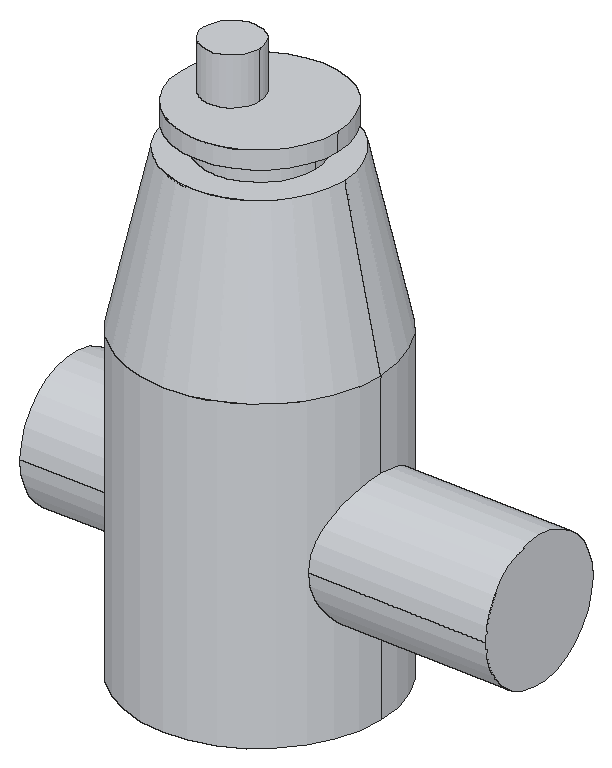
Revit family "e4ef4543428a40dd905b56d3c74de7ea", category Pipe Accessories, Revit 2021
Family settings
  Round Connector Dimension = Use Radius
  Part Type = Breaks Into
  OmniClass Number = 23.65.50.11
  OmniClass Title = Water Treatment
  Seek Item ID = Air Separator - Vortex - 0.75-2 Inch-0000-USA-ENU
  Work Plane-Based = No
  Always vertical = Yes
  Cut with Voids When Loaded = No
  Shared = No
Parameters (values of type "3/4"")
  Vent Radius = 11/32"
  Vent Diameter = Vent Radius * 2  # 11/16"
  Separator Width 2 = 0.35 * Separator Width  # 0' - 1.05"
  Separator Width 1 = 0.5 * Separator Width  # 0' - 1 1/2"
  Separator Length 1 = 0.4 * Separator Length  # 0' - 2.3"
  Separator Height 1 = 1 / 4 * Separator Height  # 0' - 1 29/32"
  Outside Radius = Nominal Radius * 1.2  # 0.825"
  Outside Diameter = Outside Radius * 2  # 1.65"
  Nominal Diameter = Nominal Radius * 2  # 1 3/8"
  Length 2 = 0.16 * C1 Offset 1  # 0' - 0.8"
  Length 1 = 0.4 * C1 Offset 1  # 0' - 2"
  K Coefficient = 12.5
  Default Elevation = 0' - 0"
  Bottom Tank Radius = 1/2"
  Separator Width = 0' - 3"
  Separator Length = 0' - 5 3/4"
  Separator Height = 0' - 7 5/8"
  Nominal Radius = 11/16"
  C1 Offset 1 = 0' - 5"
  Bottom Tank Diameter = Bottom Tank Radius * 2  # 1"
  Air Separator Material = none
Types (6): name | Separator Width 2 | Separator Width 1 | Separator Length 1 | Separator Height 1 | Outside Radius | Outside Diameter | Nominal Diameter | Length 2 | Length 1 | K Coefficient | Separator Width | Separator Length | Separator Height | Nominal Radius | C1 Offset 1
  (no name) | 0' - 1.05" | 0' - 1 1/2" | 0' - 2.3" | 0' - 1 29/32" | 0.825" | 1.65" | 1 3/8" | 0' - 0.8" | 0' - 2" | 12.5 | 0' - 3" | 0' - 5 3/4" | 0' - 7 5/8" | 11/16" | 0' - 5"
  3/4" | 0' - 1.05" | 0' - 1 1/2" | 0' - 2.3" | 0' - 1 29/32" | 0.825" | 1.65" | 1 3/8" | 0' - 0.8" | 0' - 2" | 12.5 | 0' - 3" | 0' - 5 3/4" | 0' - 7 5/8" | 11/16" | 0' - 5"
  1" | 0' - 1.05" | 0' - 1 1/2" | 0' - 2.3" | 0' - 1 29/32" | 1.05" | 2.1" | 1 3/4" | 0' - 0.8" | 0' - 2" | 14.1 | 0' - 3" | 0' - 5 3/4" | 0' - 7 5/8" | 7/8" | 0' - 5"
  1 1/4" | 0' - 1.05" | 0' - 1 1/2" | 0' - 2.3" | 0' - 1 29/32" | 1.35" | 2.7" | 2 1/4" | 0' - 0.8" | 0' - 2" | 17 | 0' - 3" | 0' - 5 3/4" | 0' - 7 5/8" | 1 1/8" | 0' - 5"
  1 1/2" | 0' - 1.70625" | 0' - 2 7/16" | 0' - 3.3" | 0' - 2 9/32" | 1 1/2" | 3" | 2 1/2" | 0' - 0.92" | 0' - 2.3" | 30.1 | 0' - 4 7/8" | 0' - 8 1/4" | 0' - 9 1/8" | 1 1/4" | 0' - 5 3/4"
  2" | 0' - 1.70625" | 0' - 2 7/16" | 0' - 3.3" | 0' - 2 9/32" | 1.8" | 3.6" | 3" | 0' - 0.92" | 0' - 2.3" | 36.9 | 0' - 4 7/8" | 0' - 8 1/4" | 0' - 9 1/8" | 1 1/2" | 0' - 5 3/4"
Reference planes (in)
  plane 1 "Center (Front/Back)": y = 0
  plane 2: z = 0
  plane 3 "Center (Left/Right)": x = 0
  plane 4: x = -2.3
  plane 5: x = 3.45
  plane 6: z = -1.90625
  plane 7: z = -2
  plane 8: z = 1.90625
  plane 9: z = 3.90625
  plane 10: z = 5
  plane 11: z = 4.2
  plane 12: z = 4.41875
  plane 13: x = -0.34375
Forms (in)
  Extrusion 1, solid, material <- "Air Separator Material"
    sketch origin (0, 0, 0) x (0, 1, 0) y (0, 0, 1)
      loop
        circle (0, 0) r 0.825
    from -2.3 to 3.45
  Extrusion 2, solid, material <- "Air Separator Material"
    sketch origin (0, 0, 0) x (1, 0, 0) y (0, 1, 0)
      loop
        circle (0, 0) r 1.5
    from -1.90625 to 1.90625
  Extrusion 3, solid, material <- "Air Separator Material"
    sketch origin (0, 0, 0) x (1, 0, 0) y (0, 1, 0)
      loop
        circle (0, 0) r 0.5
    from -2 to -1.90625
  Blend 4, solid, material <- "Air Separator Material"
    base sketch origin (0, 0, 0) x (1, 0, 0) y (0, 1, 0)
      loop
        circle (0, 0) r 1.5
    top sketch origin (0, 0, 0) x (1, 0, 0) y (0, 1, 0)
      loop
        circle (0, 0) r 1.05
    from 1.90625 to 3.90625
  Extrusion 5, solid, material <- "Air Separator Material"
    sketch origin (0, 0, 0) x (1, 0, 0) y (0, 1, 0)
      loop
        circle (0, 0) r 0.6875
    from 3.90625 to 4.2
  Extrusion 6, solid, material <- "Air Separator Material"
    sketch origin (0, 0, 0) x (1, 0, 0) y (0, 1, 0)
      loop
        circle (0, 0) r 0.96875
    from 4.2 to 4.41875
  Extrusion 7, solid, material <- "Air Separator Material"
    sketch origin (0, 0, 0) x (1, 0, 0) y (0, 1, 0)
      loop
        circle (-0.34375, 0) r 0.34375
    from 4.41875 to 5
Cuts and joins
  joined: Extrusion 1, Extrusion 2, Extrusion 3, Blend 4
  joined: Extrusion 5, Extrusion 6, Extrusion 7
Dimensions and locks (in)
  "Separator Length 1": plane 3 "Center (Left/Right)" to plane 4
  "Separator Length": plane 5 to plane 4
  "Separator Height 1": plane 2 to plane 6
  locked: plane 6 to plane 7 at 0.09375
  "Separator Height 1": plane 8 to plane 2
  "Length 1": plane 9 to plane 8
  "C1 Offset 1": plane 10 to plane 2
  "Length 2": plane 10 to plane 11
  locked: plane 12 to plane 11 at 0.21875
  "Vent Radius": plane 3 "Center (Left/Right)" to plane 13
  "Outside Radius": radius of Extrusion 1 sketch curve
  "Separator Width 1": radius of Extrusion 2 sketch curve
  "Bottom Tank Radius": radius of Extrusion 3 sketch curve
  "Separator Width 1": radius of Blend 4 sketch curve
  "Separator Width 2": radius of Blend 4 sketch curve
  radius of Extrusion 5 sketch curve = 0' - 0 11/16"
  radius of Extrusion 6 sketch curve = 0' - 0 31/32"
  "Vent Radius": radius of Extrusion 7 sketch curve
  aligned and locked: plane 1 "Center (Front/Back)" to Extrusion 1 sketch curve
  aligned and locked: plane 2 to Extrusion 1 sketch curve
  aligned and locked: Extrusion 1 to plane 4
  aligned and locked: plane 5 to Extrusion 1
  aligned and locked: plane 3 "Center (Left/Right)" to Extrusion 2 sketch curve
  aligned and locked: plane 1 "Center (Front/Back)" to Extrusion 2 sketch curve
  aligned and locked: Extrusion 2 to plane 6
  aligned and locked: plane 8 to Extrusion 2
  aligned and locked: plane 3 "Center (Left/Right)" to Extrusion 3 sketch curve
  aligned and locked: plane 1 "Center (Front/Back)" to Extrusion 3 sketch curve
  aligned and locked: Extrusion 3 to plane 7
  aligned and locked: plane 6 to Extrusion 3
  aligned and locked: plane 3 "Center (Left/Right)" to Blend 4 sketch curve  (x2)
  aligned and locked: plane 1 "Center (Front/Back)" to Blend 4 sketch curve  (x2)
  aligned and locked: plane 9 to Blend 4
  aligned and locked: Blend 4 to plane 8
  aligned and locked: plane 3 "Center (Left/Right)" to Extrusion 5 sketch curve
  aligned and locked: plane 1 "Center (Front/Back)" to Extrusion 5 sketch curve
  aligned and locked: Extrusion 5 to plane 9
  aligned and locked: plane 11 to Extrusion 5
  aligned and locked: plane 3 "Center (Left/Right)" to Extrusion 6 sketch curve
  aligned and locked: plane 1 "Center (Front/Back)" to Extrusion 6 sketch curve
  aligned and locked: Extrusion 6 to plane 11
  aligned and locked: plane 12 to Extrusion 6
  aligned and locked: plane 13 to Extrusion 7 sketch curve
  aligned and locked: plane 1 "Center (Front/Back)" to Extrusion 7 sketch curve
  aligned and locked: Extrusion 7 to plane 12
  aligned and locked: plane 10 to Extrusion 7
Connectors (in)
  piping at (-2.3, 0, 0), diameter 1.375, driven by "Nominal Radius"
    settings: on cut or joined group of Extrusion 1, Extrusion 2, Extrusion 3, Blend 4, index 1, connector inside diameter 1 3/8", connector length 0' - 0", flow factor 0, pipe flow 0 GPM, pressure drop 0.00 psi, fitting loss kfactor 0, connector angle 0.00°, fixture units 0, engagement length 0' - 0", angle of deflection 0.00°, flow configuration 0, flow direction 0, fitting loss method 2, system type 29, joint type 0, gender type 0, connector reference index 2, connector utility 0, adjustable connector no, is connector primary yes, connector description "Connected to Boiler/Chiller In"
  piping at (3.45, 0, 0), diameter 1.375, driven by "K Coefficient", driven by "Nominal Radius"
    settings: on cut or joined group of Extrusion 1, Extrusion 2, Extrusion 3, Blend 4, index 2, connector inside diameter 1 3/8", connector length 0' - 0", flow factor 0, pipe flow 0 GPM, pressure drop 0.00 psi, fitting loss kfactor 12.5, connector angle 0.00°, fixture units 0, engagement length 0' - 0", angle of deflection 0.00°, flow configuration 0, flow direction 0, fitting loss method 2, system type 29, joint type 0, gender type 0, connector reference index 1, connector utility 0, adjustable connector no, is connector primary no, connector description "Connected to Pump Out"
  piping at (-0.34375, 0, 5), diameter 0.6875, driven by "Vent Radius"
    settings: on Extrusion 7, index 3, connector inside diameter 11/16", connector length 0' - 0", flow factor 0, pipe flow 0 GPM, pressure drop 0.00 psi, fitting loss kfactor 0, connector angle 0.00°, fixture units 0, engagement length 0' - 0", angle of deflection 0.00°, flow configuration 1, flow direction 2, fitting loss method 0, system type 29, joint type 0, gender type 0, connector reference index -1, connector utility 0, adjustable connector no, is connector primary no, connector description "Connected to Vent or Diaphragm/Compression Tank Out"
